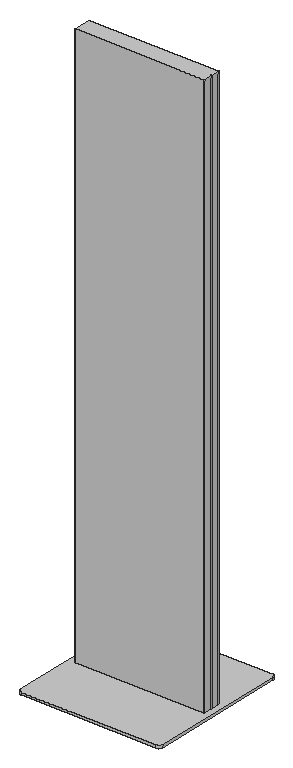
Revit family "Magnuson-Message_Boards_Pantalla-", category Furniture, Revit 2016
Family settings
  OmniClass Number = 23.40.20.00
  OmniClass Title = General Furniture and Specialties
  Work Plane-Based = No
  Always vertical = Yes
  Cut with Voids When Loaded = No
  Shared = No
  Room Calculation Point = No
Parameters (values of type "PANTALLA-FLR")
  Width = 17 3/4"
  URL = "www.magnusongroup.com"
  Type Comments = "Message Boards"  # constant formula
  Salvage or Reuse = yes
  Percentage of Recycled Content = 0
  Panel Finish = MG - Steel, Wrought
  Model = "PANTALLA-FLR"
  Manufacturer = "Magnuson Group"  # constant formula
  Low Emitting Material = yes
  Low Emitting Finish = yes
  Revit File Built By = "https://servex-us.com/servex-revit/"
  Keynote = "12500"  # constant formula
  Height = 71 11/16"
  Glide Finish = MG - Black Plastic
  Description = "Magnetic Vertical Panel Freestanding"
  Depth = 18 1/8"
  Base Finish = MG - Steel, Wrought
  Assembly Code = "E2020200"
Reference planes (in)
  plane 1 "Center Front/Back": y = 0
  plane 2: z = 0
  plane 3 "Center Left/Right": x = 0
  plane 4: x = 17.75
  plane 5: y = -18.125
  plane 6: z = 0.47244
  plane 7: z = 0.7874
  plane 8: z = 71.6875
Forms (in)
  Extrusion 1, solid, material "MG - Steel, Wrought" <- "Base Finish"
    sketch origin (0, 0, 0) x (1, 0, 0) y (0, 1, 0)
      loop
        arc (0.5, 0) -> (0.14645, -0.14645) -> (0, -0.5) r 0.5
        line (0, -0.5) -> (0, -17.625)
        arc (0, -17.625) -> (0.14645, -17.97855) -> (0.5, -18.125) r 0.5
        line (0.5, -18.125) -> (17.25, -18.125)
        arc (17.25, -18.125) -> (17.60355, -17.97855) -> (17.75, -17.625) r 0.5
        line (17.75, -17.625) -> (17.75, -0.5)
        arc (17.75, -0.5) -> (17.60355, -0.14645) -> (17.25, 0) r 0.5
        line (17.25, 0) -> (0.5, 0)
    from 0.47244 to 0.7874
  Extrusion 2, solid, material "MG - Steel, Wrought" <- "Panel Finish"
    sketch origin (0, 0, 0) x (1, 0, 0) y (0, 1, 0)
      loop
        arc (0.85741, -7.93305) -> (0.78007, -7.96509) -> (0.74803, -8.04243) r 0.10938
        line (0.74803, -8.04243) -> (0.74803, -9.0551) -> (0.79921, -9.0551)
        arc (0.79921, -9.0551) -> (0.76302, -9.07009) -> (0.74803, -9.10628) r 0.05118
        line (0.74803, -9.10628) -> (0.74803, -10.06777)
        arc (0.74803, -10.06777) -> (0.78007, -10.14511) -> (0.85741, -10.17714) r 0.10938
        line (0.85741, -10.17714) -> (16.8591, -10.17714)
        arc (16.8591, -10.17714) -> (16.93643, -10.14511) -> (16.96847, -10.06777) r 0.10938
        line (16.96847, -10.06777) -> (16.96847, -9.10628)
        arc (16.96847, -9.10628) -> (16.95348, -9.07009) -> (16.91729, -9.0551) r 0.05118
        line (16.91729, -9.0551) -> (16.96847, -9.0551) -> (16.96847, -8.04218)
        arc (16.96847, -8.04218) -> (16.93651, -7.96502) -> (16.85934, -7.93305) r 0.10913
        line (16.85934, -7.93305) -> (0.85741, -7.93305)
    from 0.7874 to 71.6875
  Extrusion 3, solid, material "MG - Black Plastic" <- "Glide Finish"
    sketch origin (0, 0, 0) x (1, 0, 0) y (0, 1, 0)
      loop
        circle (1.5, -1.5) r 0.58594
      loop
        circle (16.25, -1.5) r 0.58594
      loop
        circle (1.5, -16.625) r 0.58594
      loop
        circle (16.25, -16.625) r 0.58594
    from 0 to 0.47244
Lines and regions (in)
  symbolic lines
    curve 1: line (0.5, -18.125, 0) -> (17.25, -18.125, 0)
    curve 2: arc (17.25, -18.125, 0) -> (17.60355, -17.97855, 0) -> (17.75, -17.625, 0) r 0.5
    curve 3: line (17.75, -17.625, 0) -> (17.75, -0.5, 0)
    curve 4: arc (17.75, -0.5, 0) -> (17.60355, -0.14645, 0) -> (17.25, 0, 0) r 0.5
    curve 5: line (17.25, 0, 0) -> (0.5, 0, 0)
    curve 6: arc (0.5, 0, 0) -> (0.14645, -0.14645, 0) -> (0, -0.5, 0) r 0.5
    curve 7: line (0, -0.5, 0) -> (0, -17.625, 0)
    curve 8: arc (0, -17.625, 0) -> (0.14645, -17.97855, 0) -> (0.5, -18.125, 0) r 0.5
    curve 9: line (16.85934, -7.93305, 0) -> (0.85741, -7.93305, 0)
    curve 10: arc (0.85741, -7.93305, 0) -> (0.78007, -7.96509, 0) -> (0.74803, -8.04243, 0) r 0.10938
    curve 11: line (0.74803, -8.04243, 0) -> (0.74803, -9.0551, 0)
    curve 12: line (0.74803, -9.0551, 0) -> (0.79921, -9.0551, 0)
    curve 13: arc (0.79921, -9.0551, 0) -> (0.76302, -9.07009, 0) -> (0.74803, -9.10628, 0) r 0.05118
    curve 14: line (0.74803, -9.10628, 0) -> (0.74803, -10.06777, 0)
    curve 15: arc (0.74803, -10.06777, 0) -> (0.78007, -10.14511, 0) -> (0.85741, -10.17714, 0) r 0.10938
    curve 16: line (0.85741, -10.17714, 0) -> (16.8591, -10.17714, 0)
    curve 17: arc (16.8591, -10.17714, 0) -> (16.93643, -10.14511, 0) -> (16.96847, -10.06777, 0) r 0.10938
    curve 18: line (16.96847, -10.06777, 0) -> (16.96847, -9.10628, 0)
    curve 19: arc (16.96847, -9.10628, 0) -> (16.95348, -9.07009, 0) -> (16.91729, -9.0551, 0) r 0.05118
    curve 20: line (16.91729, -9.0551, 0) -> (16.96847, -9.0551, 0)
    curve 21: line (16.96847, -9.0551, 0) -> (16.96847, -8.04218, 0)
    curve 22: arc (16.96847, -8.04218, 0) -> (16.93651, -7.96502, 0) -> (16.85934, -7.93305, 0) r 0.10913
  symbolic lines, style "FurnitureHiddenLines", detail levels fine
    curve 23: circle (1.5, -1.5, 0) r 0.58594 normal (0, 0, 1)
    curve 24: circle (16.25, -1.5, 0) r 0.58594 normal (0, 0, 1)
    curve 25: circle (1.5, -16.625, 0) r 0.58594 normal (0, 0, 1)
    curve 26: circle (16.25, -16.625, 0) r 0.58594 normal (0, 0, 1)
Dimensions and locks (in)
  "Width": plane 3 "Center Left/Right" to plane 4
  "Depth": plane 1 "Center Front/Back" to plane 5
  locked: plane 6 to plane 7 at 0.31496
  locked: plane 2 to plane 7 at 0.7874
  "Height": plane 2 to plane 8
  locked: plane 3 "Center Left/Right" to Extrusion 3 sketch curve at 1.5  (x2)
  locked: Extrusion 3 sketch curve to plane 1 "Center Front/Back" at 1.5  (x2)
  locked: Extrusion 3 sketch curve to plane 5 at 1.5  (x2)
  locked: Extrusion 3 sketch curve to plane 4 at 1.5  (x2)
  aligned and locked: level to plane 2
  aligned and locked: plane 5 to Extrusion 1 sketch curve
  aligned and locked: plane 1 "Center Front/Back" to Extrusion 1 sketch curve
  aligned and locked: Extrusion 1 sketch curve to plane 4
  aligned and locked: plane 3 "Center Left/Right" to Extrusion 1 sketch curve
  aligned and locked: plane 6 to Extrusion 1
  aligned and locked: Extrusion 1 to plane 7
  aligned and locked: plane 7 to Extrusion 2
  aligned and locked: Extrusion 2 to plane 8
  aligned and locked: Extrusion 3 to plane 2
  aligned and locked: Extrusion 3 to plane 6
  aligned and locked: curve 2 to Extrusion 1
  aligned and locked: curve 4 to Extrusion 1
  aligned and locked: curve 6 to Extrusion 1
  aligned and locked: curve 8 to Extrusion 1
  aligned and locked: curve 10 to Extrusion 2
  aligned and locked: curve 13 to Extrusion 2
  aligned and locked: curve 15 to Extrusion 2
  aligned and locked: curve 17 to Extrusion 2
  aligned and locked: curve 19 to Extrusion 2
  aligned and locked: curve 21 to Extrusion 2
  aligned and locked: curve 22 to Extrusion 2
Automatic sketch dimensions
  plane 3 "Center Left/Right" to Extrusion 1 sketch curve = 1/2"
  Extrusion 1 sketch curve to Extrusion 1 sketch curve = 1/2"  (x2)
  Extrusion 1 sketch curve to plane 4 = 1/2"
  plane 3 "Center Left/Right" to Extrusion 2 sketch curve = 0.74803"
  Extrusion 2 sketch curve to Extrusion 2 sketch curve = 0"  (x4)
  Extrusion 2 sketch curve to Extrusion 2 sketch curve = 7/64"  (x2)
  Extrusion 2 sketch curve to Extrusion 2 sketch curve = 0.05118"  (x4)
  Extrusion 2 sketch curve to plane 4 = 0.8909"
  Extrusion 2 sketch curve to plane 4 = 0.89066"
  Extrusion 2 sketch curve to plane 4 = 0.83271"
  Extrusion 2 sketch curve to Extrusion 2 sketch curve = 1.01292"
  plane 5 to Extrusion 2 sketch curve = 7.94786"
  Extrusion 2 sketch curve to Extrusion 2 sketch curve = 0.96149"  (x2)
  curve 13 to curve 12 = 0"
  curve 8 to curve 25 = 1"  (x2)
  curve 6 to curve 23 = 1"
  curve 24 to curve 4 = 1"  (x2)
  curve 26 to curve 2 = 1"
  curve 20 to curve 19 = 0"
  curve 2 to curve 26 = 1"
  curve 13 to curve 11 = 0.05118"
  curve 19 to curve 20 = 0.05118"
  curve 23 to curve 6 = 1"
  radius of Extrusion 3 sketch curve = 75/128"  (x4)
  radius of curve 23 = 75/128"
  radius of curve 24 = 75/128"
  radius of curve 25 = 75/128"
  radius of curve 26 = 75/128"
